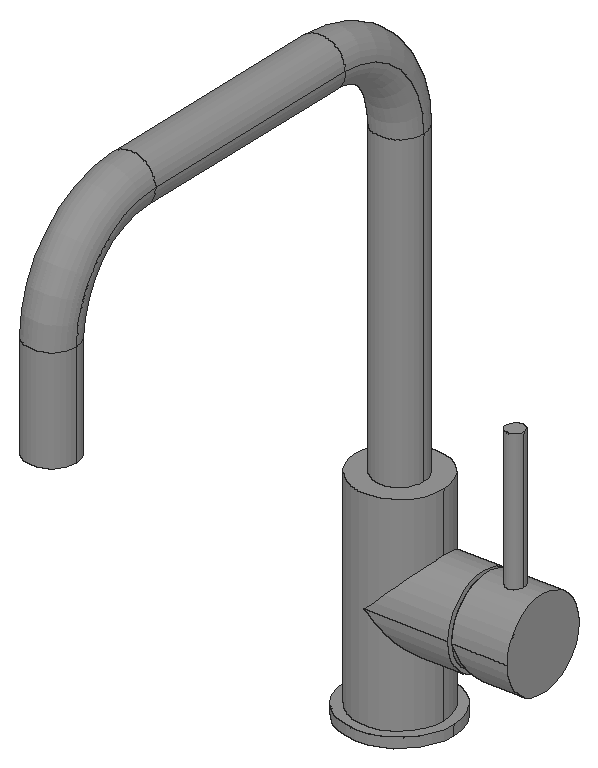
Revit family "Alma-KMGD1007-Charlotte Square Mixer-Brass Gold", category Plumbing Fixtures, Revit 2022
Family settings
  Round Connector Dimension = Use Diameter
  Part Type = Normal
  OmniClass Number = 23.45.00.00
  OmniClass Title = Sanitary, Laundry, and Cleaning Equipment
  Work Plane-Based = No
  Always vertical = Yes
  Cut with Voids When Loaded = No
  Maintain Annotation Orientation = No
  Shared = No
  Room Calculation Point = No
Parameters (values of type "Charlotte Brass Gold")
  URL = "https://www.buildmat.com.au/products/charlotte-brushed-brass-gold-square-mixer"
  Tap Material = Alma Brass Gold
  Model = "KMGD1007"  # constant formula
  Manufacturer = "BUILDMAT"  # constant formula
  Description = "Charlotte Square Mixer"  # constant formula
  Default Elevation = 0 mm
  Created = "22.12.2023"  # constant formula
  Brand = "Alma"  # constant formula
Reference planes
  plane 1 "Center (Front/Back)": y = 0
  plane 2 "Bottom": z = 0
  plane 3 "Center (Left/Right)": x = 0
  plane 4: y = -220
  plane 5 "Top": z = 330
  plane 6: z = 110
  plane 7: z = 215
  plane 8: z = 35
  plane 9: z = 150
  plane 10: x = 72.5
Forms (mm)
  Extrusion 1, solid, material "Alma Brass Gold" <- "Tap Material"
    sketch origin (0, 0, 0) x (1, 0, 0) y (0, 1, 0)
      loop
        circle (0, 0) r 27.5
    from 0 to 5
  Extrusion 2, solid, material "Alma Brass Gold" <- "Tap Material"
    sketch origin (0, 0, 0) x (1, 0, 0) y (0, 1, 0)
      loop
        circle (0, 0) r 22.5
    from 5 to 110
  Sweep 3, solid, material "Alma Brass Gold" <- "Tap Material"
    path origin (0, 0, 0) x (0, 1, 0) y (0, 0, 1)
      loop
        line (0, 110) -> (0, 267.5)
        arc (0, 267.5) -> (-14.645, 302.855) -> (-50, 317.5) r 50
        line (-50, 317.5) -> (-170, 317.5)
        arc (-170, 317.5) -> (-205.355, 302.855) -> (-220, 267.5) r 50
        line (-220, 267.5) -> (-220, 215)
    profile origin (0, 0, 188.75) x (0, -1, 0) y (1, 0, 0)
      loop
        circle (0, 0) r 12.5
  Extrusion 4, solid, material "Alma Brass Gold" <- "Tap Material"
    sketch origin (0, 0, -25) x (0, 1, 0) y (0, 0, 1)
      loop
        circle (0, 82.5) r 22.5
    from 0 to 42.5
  Extrusion 5, solid, material "Alma Brass Gold" <- "Tap Material"
    sketch origin (0, 0, -25) x (0, 1, 0) y (0, 0, 1)
      loop
        circle (0, 82.5) r 20.5
    from 42.5 to 72.5
  Extrusion 6, solid, material "Alma Brass Gold" <- "Tap Material"
    sketch origin (0, 0, -25) x (0, 1, 0) y (0, 0, 1)
      loop
        circle (0, 82.5) r 22.5
    from 44.5 to 72.5
  Extrusion 7, void
    sketch origin (-10, 0, -25) x (1, 0, 0) y (0, 0, 1)
      loop
        line (54.5, 60) -> (64.5, 60) -> (54.5, 82.5) -> (54.5, 60)
    from -22.5 to 22.5
  Extrusion 8, solid, material "Alma Brass Gold" <- "Tap Material"
    sketch origin (-10, 0, 0) x (1, 0, 0) y (0, 1, 0)
      loop
        circle (68.5, 0) r 4.5
    from 57.5 to 150
Cuts and joins
  Extrusion 7 cuts Extrusion 6
  joined: Extrusion 1, Extrusion 2, Sweep 3, Extrusion 4, Extrusion 5, Extrusion 6, Extrusion 8
Lines and regions (mm)
  symbolic lines, style "Axis"
    curve 1: line (0, 0, 0) -> (0, 0, 267.5)
    curve 2: line (0, -220, 215) -> (0, -220, 267.5)
    curve 3: line (0, 0, 0) -> (0, 0, 435)
    curve 4: line (0, -170, 317.5) -> (0, -50, 317.5)
    curve 5: arc (0, -170, 317.5) -> (0, -205.355, 302.855) -> (0, -220, 267.5) r 50
    curve 6: arc (0, -50, 317.5) -> (0, -14.645, 302.855) -> (0, 0, 267.5) r 50
Text (mm)
  text "Refer to www.buildmat.com.au for the most current product literature. \nAllow a +/- 5mm tolerance for dimensions shown in the product literature. \nPlease note product details are subject to change due to ongoing product development." at (0.056, -1035.857, 0), in view "Ref. Level"
Dimensions and locks
  plane 4 to plane 1 "Center (Front/Back)" = 220 mm
  plane 5 "Top" to plane 2 "Bottom" = 330 mm
  plane 6 to plane 2 "Bottom" = 110 mm
  plane 7 to plane 2 "Bottom" = 215 mm
  plane 9 to plane 8 to plane 2 "Bottom" = 115 mm, 35 mm
  Extrusion 1 to plane 10 = 100 mm
  aligned and locked: level to plane 2 "Bottom"
  aligned and locked: plane 6 to cut or joined group of Extrusion 1, Extrusion 2, Sweep 3, Extrusion 4, Extrusion 5, Extrusion 6, Extrusion 7, Extrusion 8
  aligned and locked: plane 6 to Sweep 3 sketch curve
